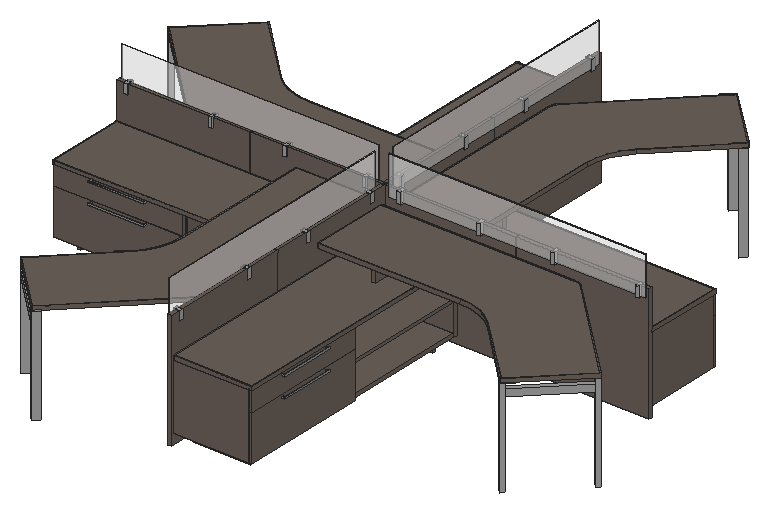
Revit family "STAKS014", category Furniture, Revit 2013
Reference planes (in)
  plane 1 "Center Front/Back": y = 0
  plane 2: z = 0
  plane 3 "Center Left/Right": x = 0
Dimensions and locks (in)
  aligned and locked: level to plane 2
  aligned and locked: nested 9 to nested 10  (x2)
  aligned and locked: nested 11 to nested 3
  aligned and locked: nested 11 to nested 9
  aligned and locked: nested 13 to nested 2
  aligned and locked: nested 13 to nested 16
  aligned and locked: nested 23 to nested 24  (x2)
  aligned and locked: nested 25 to nested 23
  aligned and locked: nested 27 to nested 30
  aligned and locked: nested 38 to nested 37  (x2)
  aligned and locked: nested 37 to nested 39
  aligned and locked: nested 44 to nested 41
  aligned and locked: nested 51 to nested 52  (x2)
  aligned and locked: nested 53 to nested 51
  aligned and locked: nested 55 to nested 58
Nested families (in)
  nested 1: "FIRST OFFICE-STAKS-WALL-SPINE-DIVIDER" at (18.5, -1.12535, 0), type "FIRST OFFICE-STAKS-WALL SPINE/DIVIDER 33 X 37"
  nested 2: "FIRST OFFICE-STAKS-WALL-SPINE-DIVIDER" at (-18.5, -1.12535, 0), type "FIRST OFFICE-STAKS-WALL SPINE/DIVIDER 33 X 37"
  nested 3: "FIRST OFFICE-STAKS-WALL-SPINE-DIVIDER" at (-55.5, -1.12535, 0), type "FIRST OFFICE-STAKS-WALL SPINE/DIVIDER 33 X 37"
  nested 4: "FIRST OFFICE-STAKS-WALL-SPINE-DIVIDER" at (55.5, -1.12535, 0), type "FIRST OFFICE-STAKS-WALL SPINE/DIVIDER 33 X 37"
  nested 5: "FIRST OFFICE-STAKS-WALL-SPINE-DIVIDER" at (1.12535, -19, 0) x (0, 1, 0) z (0, 0, 1), type "FIRST OFFICE-STAKS-WALL SPINE/DIVIDER 33 X 37"
  nested 6: "FIRST OFFICE-STAKS-WALL-SPINE-DIVIDER" at (1.12535, -56, 0) x (0, 1, 0) z (0, 0, 1), type "FIRST OFFICE-STAKS-WALL SPINE/DIVIDER 33 X 37"
  nested 7: "FIRST OFFICE-STAKS-WALL-SPINE-DIVIDER" at (1.12535, 19, 0) x (0, 1, 0) z (0, 0, 1), type "FIRST OFFICE-STAKS-WALL SPINE/DIVIDER 33 X 37"
  nested 8: "FIRST OFFICE-STAKS-WALL-SPINE-DIVIDER" at (1.12535, 56, 0) x (0, 1, 0) z (0, 0, 1), type "FIRST OFFICE-STAKS-WALL SPINE/DIVIDER 33 X 37"
  nested 9: "FIRST OFFICE-STAKS-PEDESTALS-LOW HEIGHT W-I BEAM-16W TO 36W" at (-55.97711, -23.00035, 0), type "FIRST OFFICE-STAKS-LOW HEIGHT TF PED-W-I BEAM 36 X 22"
  nested 10: "FIRST OFFICE-STAKS-PEDESTALS-LOW HEIGHT W-I BEAM-16W TO 36W" at (-19.97711, -23.00035, 0), type "FIRST OFFICE-STAKS-LOW HEIGHT OPEN SHELF PED-W-I BEAM 36 X 21"
  nested 11: "FIRST OFFICE-STAKS-WORKSURFACE-RECTANGULAR LONG-GRAIN" at (-81.55498, 1.33365, -6), type "FIRST OFFICE-STAKS-WORKSURFACE-RECTANGULAR LG 72 X 22"
  nested 12: "FIRST OFFICE-STAKS-PEDESTAL W-I BEAM SUPPORT" at (-38.063, -4.62535, 0), type "FIRST OFFICE-STAKS-PEDESTAL I-BEAM 64 X 16"
  nested 13: "FIRST OFFICE-STAKS-WORKSURFACE-COLLABORATIVE-RIGHT" at (-0.16635, -4.94502, 0) x (0, -1, 0) z (0, 0, 1), type "FIRST OFFICE-STAKS-WORKSURFACE-COLLABORATIVE-RIGHT 84 X 44"
  nested 14: "FIRST OFFICE-STAKS-BRACKETS-CANTILEVER-CONCEALED" at (-0.5, -51, 0) x (0, -1, 0) z (0, 0, 1), type "FIRST OFFICE-STAKS- BRACKETS-CANTILEVER-CONCEALED 22""
  nested 15: "FIRST OFFICE-STAKS-BRACKETS-CANTILEVER-CONCEALED" at (-0.5, -19.65901, 0) x (0, -1, 0) z (0, 0, 1), type "FIRST OFFICE-STAKS- BRACKETS-CANTILEVER-CONCEALED 22""
  nested 16: "FIRST OFFICE-STAKS-SUPPORT-SURFACE-H LEG" at (-27.69338, -62.48156, 0) x (0.7071, 0.7071, 0) z (0, 0, 1), type "FIRST OFFICE-STAKS-SUPPORT-SURFACE-H LEG 22 X4"
  nested 17: "FIRST OFFICE-STAKS-SUPPORT-SURFACE-RISER PANELS" at (-5.37535, -27, 0) x (0, -1, 0) z (0, 0, 1), type "FIRST OFFICE-STAKS-SUPPORT-SURFACE-RISER-T SHAPE 18 X 9.5"
  nested 18: "FIRST OFFICE-STAKS-BRACKETS-SADDLE_PRESS FIT" at (0, -71.29555, -9) x (0, -1, 0) z (0, 0, 1), type "FIRST OFFICE-STAKS- BRACKETS-SADDLE-PVPBKT-1"
  nested 19: "FIRST OFFICE-STAKS-BRACKETS-SADDLE_PRESS FIT" at (0, -47.7743, -9) x (0, -1, 0) z (0, 0, 1), type "FIRST OFFICE-STAKS- BRACKETS-SADDLE-PVPBKT-1"
  nested 20: "FIRST OFFICE-STAKS-BRACKETS-SADDLE_PRESS FIT" at (0, -27.16678, -9) x (0, -1, 0) z (0, 0, 1), type "FIRST OFFICE-STAKS- BRACKETS-SADDLE-PVPBKT-1"
  nested 21: "FIRST OFFICE-STAKS-BRACKETS-SADDLE_PRESS FIT" at (0, -5, -9) x (0, -1, 0) z (0, 0, 1), type "FIRST OFFICE-STAKS- BRACKETS-SADDLE-PVPBKT-1"
  nested 22: "FIRST OFFICE-STAKS-WALL-PRIVACY PANELS" at (0.79549, -37.80535, -15) x (0, 1, 0) z (0, 0, 1), type "FIRST OFFICE-STAKS-PRIVACY PANEL FROSTED ACR 71.5 X 11"
  nested 23: "FIRST OFFICE-STAKS-PEDESTALS-LOW HEIGHT W-I BEAM-16W TO 36W" at (23.00035, -55.97711, 0) x (0, 1, 0) z (0, 0, 1), type "FIRST OFFICE-STAKS-LOW HEIGHT TF PED-W-I BEAM 36 X 22"
  nested 24: "FIRST OFFICE-STAKS-PEDESTALS-LOW HEIGHT W-I BEAM-16W TO 36W" at (23.00035, -19.97711, 0) x (0, 1, 0) z (0, 0, 1), type "FIRST OFFICE-STAKS-LOW HEIGHT OPEN SHELF PED-W-I BEAM 36 X 21"
  nested 25: "FIRST OFFICE-STAKS-WORKSURFACE-RECTANGULAR LONG-GRAIN" at (-1.33365, -81.55498, -6) x (0, 1, 0) z (0, 0, 1), type "FIRST OFFICE-STAKS-WORKSURFACE-RECTANGULAR LG 72 X 22"
  nested 26: "FIRST OFFICE-STAKS-PEDESTAL W-I BEAM SUPPORT" at (4.62535, -38.063, 0) x (0, 1, 0) z (0, 0, 1), type "FIRST OFFICE-STAKS-PEDESTAL I-BEAM 64 X 16"
  nested 27: "FIRST OFFICE-STAKS-WORKSURFACE-COLLABORATIVE-RIGHT" at (4.94502, -0.16635, 0), type "FIRST OFFICE-STAKS-WORKSURFACE-COLLABORATIVE-RIGHT 84 X 44"
  nested 28: "FIRST OFFICE-STAKS-BRACKETS-CANTILEVER-CONCEALED" at (51, -0.5, 0), type "FIRST OFFICE-STAKS- BRACKETS-CANTILEVER-CONCEALED 22""
  nested 29: "FIRST OFFICE-STAKS-BRACKETS-CANTILEVER-CONCEALED" at (19.65901, -0.5, 0), type "FIRST OFFICE-STAKS- BRACKETS-CANTILEVER-CONCEALED 22""
  nested 30: "FIRST OFFICE-STAKS-SUPPORT-SURFACE-H LEG" at (62.48156, -27.69338, 0) x (-0.7071, 0.7071, 0) z (0, 0, 1), type "FIRST OFFICE-STAKS-SUPPORT-SURFACE-H LEG 22 X4"
  nested 31: "FIRST OFFICE-STAKS-SUPPORT-SURFACE-RISER PANELS" at (27, -5.37535, 0), type "FIRST OFFICE-STAKS-SUPPORT-SURFACE-RISER-T SHAPE 18 X 9.5"
  nested 32: "FIRST OFFICE-STAKS-BRACKETS-SADDLE_PRESS FIT" at (71.29555, 0, -9), type "FIRST OFFICE-STAKS- BRACKETS-SADDLE-PVPBKT-1"
  nested 33: "FIRST OFFICE-STAKS-BRACKETS-SADDLE_PRESS FIT" at (47.7743, 0, -9), type "FIRST OFFICE-STAKS- BRACKETS-SADDLE-PVPBKT-1"
  nested 34: "FIRST OFFICE-STAKS-BRACKETS-SADDLE_PRESS FIT" at (27.16678, 0, -9), type "FIRST OFFICE-STAKS- BRACKETS-SADDLE-PVPBKT-1"
  nested 35: "FIRST OFFICE-STAKS-BRACKETS-SADDLE_PRESS FIT" at (5, 0, -9), type "FIRST OFFICE-STAKS- BRACKETS-SADDLE-PVPBKT-1"
  nested 36: "FIRST OFFICE-STAKS-WALL-PRIVACY PANELS" at (37.80535, 0.79549, -15) x (-1, 0, 0) z (0, 0, 1), type "FIRST OFFICE-STAKS-PRIVACY PANEL FROSTED ACR 71.5 X 11"
  nested 37: "FIRST OFFICE-STAKS-PEDESTALS-LOW HEIGHT W-I BEAM-16W TO 36W" at (55.97711, 23.00035, 0) x (-1, 0, 0) z (0, 0, 1), type "FIRST OFFICE-STAKS-LOW HEIGHT TF PED-W-I BEAM 36 X 22"
  nested 38: "FIRST OFFICE-STAKS-PEDESTALS-LOW HEIGHT W-I BEAM-16W TO 36W" at (19.97711, 23.00035, 0) x (-1, 0, 0) z (0, 0, 1), type "FIRST OFFICE-STAKS-LOW HEIGHT OPEN SHELF PED-W-I BEAM 36 X 21"
  nested 39: "FIRST OFFICE-STAKS-WORKSURFACE-RECTANGULAR LONG-GRAIN" at (81.55498, -1.33365, -6) x (-1, 0, 0) z (0, 0, 1), type "FIRST OFFICE-STAKS-WORKSURFACE-RECTANGULAR LG 72 X 22"
  nested 40: "FIRST OFFICE-STAKS-PEDESTAL W-I BEAM SUPPORT" at (38.063, 4.62535, 0) x (-1, 0, 0) z (0, 0, 1), type "FIRST OFFICE-STAKS-PEDESTAL I-BEAM 64 X 16"
  nested 41: "FIRST OFFICE-STAKS-WORKSURFACE-COLLABORATIVE-RIGHT" at (0.16635, 4.94502, 0) x (0, 1, 0) z (0, 0, 1), type "FIRST OFFICE-STAKS-WORKSURFACE-COLLABORATIVE-RIGHT 84 X 44"
  nested 42: "FIRST OFFICE-STAKS-BRACKETS-CANTILEVER-CONCEALED" at (0.5, 51, 0) x (0, 1, 0) z (0, 0, 1), type "FIRST OFFICE-STAKS- BRACKETS-CANTILEVER-CONCEALED 22""
  nested 43: "FIRST OFFICE-STAKS-BRACKETS-CANTILEVER-CONCEALED" at (0.5, 19.65901, 0) x (0, 1, 0) z (0, 0, 1), type "FIRST OFFICE-STAKS- BRACKETS-CANTILEVER-CONCEALED 22""
  nested 44: "FIRST OFFICE-STAKS-SUPPORT-SURFACE-H LEG" at (27.69338, 62.48156, 0) x (-0.7071, -0.7071, 0) z (0, 0, 1), type "FIRST OFFICE-STAKS-SUPPORT-SURFACE-H LEG 22 X4"
  nested 45: "FIRST OFFICE-STAKS-SUPPORT-SURFACE-RISER PANELS" at (5.37535, 27, 0) x (0, 1, 0) z (0, 0, 1), type "FIRST OFFICE-STAKS-SUPPORT-SURFACE-RISER-T SHAPE 18 X 9.5"
  nested 46: "FIRST OFFICE-STAKS-BRACKETS-SADDLE_PRESS FIT" at (0, 71.29555, -9) x (0, 1, 0) z (0, 0, 1), type "FIRST OFFICE-STAKS- BRACKETS-SADDLE-PVPBKT-1"
  nested 47: "FIRST OFFICE-STAKS-BRACKETS-SADDLE_PRESS FIT" at (0, 47.7743, -9) x (0, 1, 0) z (0, 0, 1), type "FIRST OFFICE-STAKS- BRACKETS-SADDLE-PVPBKT-1"
  nested 48: "FIRST OFFICE-STAKS-BRACKETS-SADDLE_PRESS FIT" at (0, 27.16678, -9) x (0, 1, 0) z (0, 0, 1), type "FIRST OFFICE-STAKS- BRACKETS-SADDLE-PVPBKT-1"
  nested 49: "FIRST OFFICE-STAKS-BRACKETS-SADDLE_PRESS FIT" at (0, 5, -9) x (0, 1, 0) z (0, 0, 1), type "FIRST OFFICE-STAKS- BRACKETS-SADDLE-PVPBKT-1"
  nested 50: "FIRST OFFICE-STAKS-WALL-PRIVACY PANELS" at (-0.79549, 37.80535, -15) x (0, -1, 0) z (0, 0, 1), type "FIRST OFFICE-STAKS-PRIVACY PANEL FROSTED ACR 71.5 X 11"
  nested 51: "FIRST OFFICE-STAKS-PEDESTALS-LOW HEIGHT W-I BEAM-16W TO 36W" at (-23.00035, 55.97794, 0) x (0, -1, 0) z (0, 0, 1), type "FIRST OFFICE-STAKS-LOW HEIGHT TF PED-W-I BEAM 36 X 22"
  nested 52: "FIRST OFFICE-STAKS-PEDESTALS-LOW HEIGHT W-I BEAM-16W TO 36W" at (-23.00035, 19.97794, 0) x (0, -1, 0) z (0, 0, 1), type "FIRST OFFICE-STAKS-LOW HEIGHT OPEN SHELF PED-W-I BEAM 36 X 21"
  nested 53: "FIRST OFFICE-STAKS-WORKSURFACE-RECTANGULAR LONG-GRAIN" at (1.33365, 81.55581, -6) x (0, -1, 0) z (0, 0, 1), type "FIRST OFFICE-STAKS-WORKSURFACE-RECTANGULAR LG 72 X 22"
  nested 54: "FIRST OFFICE-STAKS-PEDESTAL W-I BEAM SUPPORT" at (-4.62535, 38.06382, 0) x (0, -1, 0) z (0, 0, 1), type "FIRST OFFICE-STAKS-PEDESTAL I-BEAM 64 X 16"
  nested 55: "FIRST OFFICE-STAKS-WORKSURFACE-COLLABORATIVE-RIGHT" at (-4.94502, 0.16717, 0) x (-1, 0, 0) z (0, 0, 1), type "FIRST OFFICE-STAKS-WORKSURFACE-COLLABORATIVE-RIGHT 84 X 44"
  nested 56: "FIRST OFFICE-STAKS-BRACKETS-CANTILEVER-CONCEALED" at (-51, 0.50082, 0) x (-1, 0, 0) z (0, 0, 1), type "FIRST OFFICE-STAKS- BRACKETS-CANTILEVER-CONCEALED 22""
  nested 57: "FIRST OFFICE-STAKS-BRACKETS-CANTILEVER-CONCEALED" at (-19.65901, 0.50082, 0) x (-1, 0, 0) z (0, 0, 1), type "FIRST OFFICE-STAKS- BRACKETS-CANTILEVER-CONCEALED 22""
  nested 58: "FIRST OFFICE-STAKS-SUPPORT-SURFACE-H LEG" at (-62.48156, 27.6942, 0) x (0.7071, -0.7071, 0) z (0, 0, 1), type "FIRST OFFICE-STAKS-SUPPORT-SURFACE-H LEG 22 X4"
  nested 59: "FIRST OFFICE-STAKS-SUPPORT-SURFACE-RISER PANELS" at (-27, 5.37617, 0) x (-1, 0, 0) z (0, 0, 1), type "FIRST OFFICE-STAKS-SUPPORT-SURFACE-RISER-T SHAPE 18 X 9.5"
  nested 60: "FIRST OFFICE-STAKS-BRACKETS-SADDLE_PRESS FIT" at (-71.29555, 0.00082, -9) x (-1, 0, 0) z (0, 0, 1), type "FIRST OFFICE-STAKS- BRACKETS-SADDLE-PVPBKT-1"
  nested 61: "FIRST OFFICE-STAKS-BRACKETS-SADDLE_PRESS FIT" at (-47.7743, 0.00082, -9) x (-1, 0, 0) z (0, 0, 1), type "FIRST OFFICE-STAKS- BRACKETS-SADDLE-PVPBKT-1"
  nested 62: "FIRST OFFICE-STAKS-BRACKETS-SADDLE_PRESS FIT" at (-27.16678, 0.00082, -9) x (-1, 0, 0) z (0, 0, 1), type "FIRST OFFICE-STAKS- BRACKETS-SADDLE-PVPBKT-1"
  nested 63: "FIRST OFFICE-STAKS-BRACKETS-SADDLE_PRESS FIT" at (-5, 0.00082, -9) x (-1, 0, 0) z (0, 0, 1), type "FIRST OFFICE-STAKS- BRACKETS-SADDLE-PVPBKT-1"
  nested 64: "FIRST OFFICE-STAKS-WALL-PRIVACY PANELS" at (-37.80535, -0.79466, -15), type "FIRST OFFICE-STAKS-PRIVACY PANEL FROSTED ACR 71.5 X 11"
Definition of nested family "FIRST OFFICE-STAKS-WALL-SPINE-DIVIDER"
  Parameters (values of type "FIRST OFFICE-STAKS-WALL SPINE/DIVIDER 33 X 24")
    URL = "http://www.firstoffice.com/products/crossover/staks/"
    Model = "6-pan-33/24"
    Manufacturer = "FIRST OFFICE-STAKS"
    MANUFACTURERS' CODE = "FOF"
    ENVIRONMENTAL = "http://www.firstoffice.com/products/crossover/staks/"
    Description = "33 X 24 SPINE OR DIVIDER WALL"
    Wall Width = 2' - 0"
    Wall Height = 2' - 8 1/2"
    CATALOG CODE = "FST"
    Assembly Code = ""
  Types (54): name | Model | Description | Wall Width | Wall Height
    FIRST OFFICE-STAKS-WALL SPINE/DIVIDER 33 X 24 | "6-pan-33/24" | "33 X 24 SPINE OR DIVIDER WALL" | 2' - 0" | 2' - 8 1/2"
    FIRST OFFICE-STAKS-WALL SPINE/DIVIDER 33 X 26 | "6-pan-33/26" | "33 X 26 SPINE OR DIVIDER WALL" | 2' - 2" | 2' - 8 1/2"
    FIRST OFFICE-STAKS-WALL SPINE/DIVIDER 33 X 30 | "6-pan-33/30" | "33 X 30 SPINE OR DIVIDER WALL" | 2' - 6" | 2' - 8 1/2"
    FIRST OFFICE-STAKS-WALL SPINE/DIVIDER 33 X 33 | "6-pan-33/33" | "33 X 33 SPINE OR DIVIDER WALL" | 2' - 9" | 2' - 8 1/2"
    FIRST OFFICE-STAKS-WALL SPINE/DIVIDER 33 X 36 | "6-pan-33/36" | "33 X 36 SPINE OR DIVIDER WALL" | 3' - 0" | 2' - 8 1/2"
    FIRST OFFICE-STAKS-WALL SPINE/DIVIDER 33 X 37 | "6-pan-33/37" | "33 X 37 SPINE OR DIVIDER WALL" | 3' - 1" | 2' - 8 1/2"
    FIRST OFFICE-STAKS-WALL SPINE/DIVIDER 33 X 40 | "6-pan-33/40" | "33 X 40 SPINE OR DIVIDER WALL" | 3' - 4" | 2' - 8 1/2"
    FIRST OFFICE-STAKS-WALL SPINE/DIVIDER 33 X 42 | "6-pan-33/42" | "33 X 42 SPINE OR DIVIDER WALL" | 3' - 6" | 2' - 8 1/2"
    FIRST OFFICE-STAKS-WALL SPINE/DIVIDER 33 X 44 | "6-pan-33/44" | "33 X 44 SPINE OR DIVIDER WALL" | 3' - 8" | 2' - 8 1/2"
    FIRST OFFICE-STAKS-WALL SPINE/DIVIDER 33 X 45 | "6-pan-33/45" | "33 X 45 SPINE OR DIVIDER WALL" | 3' - 9" | 2' - 8 1/2"
    FIRST OFFICE-STAKS-WALL SPINE/DIVIDER 33 X 47 | "6-pan-33/47" | "33 X 47 SPINE OR DIVIDER WALL" | 3' - 11" | 2' - 8 1/2"
    FIRST OFFICE-STAKS-WALL SPINE/DIVIDER 33 X 48 | "6-pan-33/48" | "33 X 48 SPINE OR DIVIDER WALL" | 4' - 0" | 2' - 8 1/2"
    FIRST OFFICE-STAKS-WALL SPINE/DIVIDER 33 X 49 | "6-pan-33/49" | "33 X 49 SPINE OR DIVIDER WALL" | 4' - 1" | 2' - 8 1/2"
    FIRST OFFICE-STAKS-WALL SPINE/DIVIDER 33 X 52 | "6-pan-33/52" | "33 X 52 SPINE OR DIVIDER WALL" | 4' - 4" | 2' - 8 1/2"
    FIRST OFFICE-STAKS-WALL SPINE/DIVIDER 33 X 54 | "6-pan-33/54" | "33 X 54 SPINE OR DIVIDER WALL" | 4' - 6" | 2' - 8 1/2"
    FIRST OFFICE-STAKS-WALL SPINE/DIVIDER 33 X 56 | "6-pan-33/56" | "33 X 56 SPINE OR DIVIDER WALL" | 4' - 8" | 2' - 8 1/2"
    FIRST OFFICE-STAKS-WALL SPINE/DIVIDER 33 X 58 | "6-pan-33/58" | "33 X 58 SPINE OR DIVIDER WALL" | 4' - 10" | 2' - 8 1/2"
    FIRST OFFICE-STAKS-WALL SPINE/DIVIDER 33 X 59 | "6-pan-33/59" | "33 X 59 SPINE OR DIVIDER WALL" | 4' - 11" | 2' - 8 1/2"
    FIRST OFFICE-STAKS-WALL SPINE/DIVIDER 42 X 24 | "6-pan-42/24" | "42 X 24 SPINE OR DIVIDER WALL" | 2' - 0" | 3' - 5 1/2"
    FIRST OFFICE-STAKS-WALL SPINE/DIVIDER 42 X 26 | "6-pan-42/26" | "42 X 26 SPINE OR DIVIDER WALL" | 2' - 2" | 3' - 5 1/2"
    FIRST OFFICE-STAKS-WALL SPINE/DIVIDER 42 X 30 | "6-pan-42/30" | "42 X 30 SPINE OR DIVIDER WALL" | 2' - 6" | 3' - 5 1/2"
    FIRST OFFICE-STAKS-WALL SPINE/DIVIDER 42 X 33 | "6-pan-42/33" | "42 X 33 SPINE OR DIVIDER WALL" | 2' - 9" | 3' - 5 1/2"
    FIRST OFFICE-STAKS-WALL SPINE/DIVIDER 42 X 36 | "6-pan-42/36" | "42 X 36 SPINE OR DIVIDER WALL" | 3' - 0" | 3' - 5 1/2"
    FIRST OFFICE-STAKS-WALL SPINE/DIVIDER 42 X 37 | "6-pan-42/37" | "42 X 37 SPINE OR DIVIDER WALL" | 3' - 1" | 3' - 5 1/2"
    FIRST OFFICE-STAKS-WALL SPINE/DIVIDER 42 X 40 | "6-pan-42/40" | "42 X 40 SPINE OR DIVIDER WALL" | 3' - 4" | 3' - 5 1/2"
    FIRST OFFICE-STAKS-WALL SPINE/DIVIDER 42 X 42 | "6-pan-42/42" | "42 X 42 SPINE OR DIVIDER WALL" | 3' - 6" | 3' - 5 1/2"
    FIRST OFFICE-STAKS-WALL SPINE/DIVIDER 42 X 44 | "6-pan-42/44" | "42 X 44 SPINE OR DIVIDER WALL" | 3' - 8" | 3' - 5 1/2"
    FIRST OFFICE-STAKS-WALL SPINE/DIVIDER 42 X 45 | "6-pan-42/45" | "42 X 45 SPINE OR DIVIDER WALL" | 3' - 9" | 3' - 5 1/2"
    FIRST OFFICE-STAKS-WALL SPINE/DIVIDER 42 X 47 | "6-pan-42/47" | "42 X 47 SPINE OR DIVIDER WALL" | 3' - 11" | 3' - 5 1/2"
    FIRST OFFICE-STAKS-WALL SPINE/DIVIDER 42 X 48 | "6-pan-42/48" | "42 X 48 SPINE OR DIVIDER WALL" | 4' - 0" | 3' - 5 1/2"
    FIRST OFFICE-STAKS-WALL SPINE/DIVIDER 42 X 49 | "6-pan-42/49" | "42 X 49 SPINE OR DIVIDER WALL" | 4' - 1" | 3' - 5 1/2"
    FIRST OFFICE-STAKS-WALL SPINE/DIVIDER 42 X 52 | "6-pan-42/52" | "42 X 52 SPINE OR DIVIDER WALL" | 4' - 4" | 3' - 5 1/2"
    FIRST OFFICE-STAKS-WALL SPINE/DIVIDER 42 X 54 | "6-pan-42/54" | "42 X 54 SPINE OR DIVIDER WALL" | 4' - 6" | 3' - 5 1/2"
    FIRST OFFICE-STAKS-WALL SPINE/DIVIDER 42 X 56 | "6-pan-42/56" | "42 X 56 SPINE OR DIVIDER WALL" | 4' - 8" | 3' - 5 1/2"
    FIRST OFFICE-STAKS-WALL SPINE/DIVIDER 42 X 58 | "6-pan-42/58" | "42 X 58 SPINE OR DIVIDER WALL" | 4' - 10" | 3' - 5 1/2"
    FIRST OFFICE-STAKS-WALL SPINE/DIVIDER 42 X 59 | "6-pan-42/59" | "42 X 59 SPINE OR DIVIDER WALL" | 4' - 11" | 3' - 5 1/2"
    FIRST OFFICE-STAKS-WALL SPINE/DIVIDER 48 X 24 | "6-pan-48/24" | "48 X 24 SPINE OR DIVIDER WALL" | 2' - 0" | 3' - 11 1/2"
    FIRST OFFICE-STAKS-WALL SPINE/DIVIDER 48 X 26 | "6-pan-48/26" | "48 X 26 SPINE OR DIVIDER WALL" | 2' - 2" | 3' - 11 1/2"
    FIRST OFFICE-STAKS-WALL SPINE/DIVIDER 48 X 30 | "6-pan-48/30" | "48 X 30 SPINE OR DIVIDER WALL" | 2' - 6" | 3' - 11 1/2"
    FIRST OFFICE-STAKS-WALL SPINE/DIVIDER 48 X 33 | "6-pan-48/33" | "48 X 33 SPINE OR DIVIDER WALL" | 2' - 9" | 3' - 11 1/2"
    FIRST OFFICE-STAKS-WALL SPINE/DIVIDER 48 X 36 | "6-pan-48/36" | "48 X 36 SPINE OR DIVIDER WALL" | 3' - 0" | 3' - 11 1/2"
    FIRST OFFICE-STAKS-WALL SPINE/DIVIDER 48 X 37 | "6-pan-48/37" | "48 X 37 SPINE OR DIVIDER WALL" | 3' - 1" | 3' - 11 1/2"
    FIRST OFFICE-STAKS-WALL SPINE/DIVIDER 48 X 40 | "6-pan-48/40" | "48 X 40 SPINE OR DIVIDER WALL" | 3' - 4" | 3' - 11 1/2"
    FIRST OFFICE-STAKS-WALL SPINE/DIVIDER 48 X 42 | "6-pan-48/42" | "48 X 42 SPINE OR DIVIDER WALL" | 3' - 6" | 3' - 11 1/2"
    FIRST OFFICE-STAKS-WALL SPINE/DIVIDER 48 X 44 | "6-pan-48/44" | "48 X 44 SPINE OR DIVIDER WALL" | 3' - 8" | 3' - 11 1/2"
    FIRST OFFICE-STAKS-WALL SPINE/DIVIDER 48 X 45 | "6-pan-48/45" | "48 X 45 SPINE OR DIVIDER WALL" | 3' - 9" | 3' - 11 1/2"
    FIRST OFFICE-STAKS-WALL SPINE/DIVIDER 48 X 47 | "6-pan-48/47" | "48 X 47 SPINE OR DIVIDER WALL" | 3' - 11" | 3' - 11 1/2"
    FIRST OFFICE-STAKS-WALL SPINE/DIVIDER 48 X 48 | "6-pan-48/48" | "48 X 48 SPINE OR DIVIDER WALL" | 4' - 0" | 3' - 11 1/2"
    FIRST OFFICE-STAKS-WALL SPINE/DIVIDER 48 X 49 | "6-pan-48/49" | "48 X 49 SPINE OR DIVIDER WALL" | 4' - 1" | 3' - 11 1/2"
    FIRST OFFICE-STAKS-WALL SPINE/DIVIDER 48 X 52 | "6-pan-48/52" | "48 X 52 SPINE OR DIVIDER WALL" | 4' - 4" | 3' - 11 1/2"
    FIRST OFFICE-STAKS-WALL SPINE/DIVIDER 48 X 54 | "6-pan-48/54" | "48 X 54 SPINE OR DIVIDER WALL" | 4' - 6" | 3' - 11 1/2"
    FIRST OFFICE-STAKS-WALL SPINE/DIVIDER 48 X 56 | "6-pan-48/56" | "48 X 56 SPINE OR DIVIDER WALL" | 4' - 8" | 3' - 11 1/2"
    FIRST OFFICE-STAKS-WALL SPINE/DIVIDER 48 X 58 | "6-pan-48/58" | "48 X 58 SPINE OR DIVIDER WALL" | 4' - 10" | 3' - 11 1/2"
    FIRST OFFICE-STAKS-WALL SPINE/DIVIDER 48 X 59 | "6-pan-48/59" | "48 X 59 SPINE OR DIVIDER WALL" | 4' - 11" | 3' - 11 1/2"
  Reference planes (in)
    plane 1: z = 0
    plane 2 "Center Left/Right": x = 0
    plane 3 "Left": x = -12
    plane 4 "Right": x = 12
    plane 5 "Back": y = 1.62535
    plane 6 "WALL Top": z = 32.5
    plane 7: y = 0.62535
  Forms (in)
    Extrusion 1, solid, material "STAKS WALL"
      sketch origin (0, 5, -0.18015) x (0, 1, 0) y (0, 0, 1)
        loop
          line (-4.37465, 32.68015) -> (-4.37465, 0.18015) -> (-3.37465, 0.18015) -> (-3.37465, 32.68015) -> (-4.37465, 32.68015)
      from -12 to 12
  Lines and regions (in)
    Masking region 1
      outline origin (0, 0, 0) x (1, 0, 0) y (0, 1, 0)
        loop
          line (-12, 1.62535) -> (-12, 0.62535) -> (12, 0.62535) -> (12, 1.62535) -> (-12, 1.62535)
  Dimensions and locks (in)
    "Wall Width": plane 3 "Left" to plane 4 "Right"
    equal spacing: plane 3 "Left", plane 2 "Center Left/Right", plane 4 "Right"
    "Wall Height": plane 6 "WALL Top" to plane 1
    locked: plane 7 to plane 5 "Back" at 1
    aligned and locked: Extrusion 1 to plane 3 "Left"
    aligned and locked: plane 4 "Right" to Extrusion 1
    aligned: Extrusion 1 to plane 1
    aligned and locked: level to plane 1
    aligned: Extrusion 1 to plane 6 "WALL Top"
    aligned: Extrusion 1 sketch curve to plane 1
    aligned and locked: Extrusion 1 to Masking region 1 sketch curve
    aligned and locked: Masking region 1 sketch curve to plane 3 "Left"
    aligned and locked: plane 4 "Right" to Masking region 1 sketch curve
    aligned and locked: Extrusion 1 to plane 5 "Back"
    aligned and locked: Extrusion 1 sketch curve to plane 1
    aligned and locked: plane 6 "WALL Top" to Extrusion 1 sketch curve
    aligned and locked: plane 7 to Extrusion 1
    aligned and locked: plane 7 to Masking region 1
  Automatic sketch dimensions
    Masking region 1 sketch curve to Masking region 1 sketch curve = 0' - 1"
    Extrusion 1 sketch curve to plane 5 "Back" = 0' - 0"
    Extrusion 1 sketch curve to Extrusion 1 sketch curve = 0' - 1"
Definition of nested family "FIRST OFFICE-STAKS-PEDESTALS-LOW HEIGHT W-I BEAM-16W TO 36W"
  Parameters (values of type "FIRST OFFICE-STAKS-LOW HEIGHT TF PED-W-I BEAM 16 X 19")
    URL = "http://www.firstoffice.com/products/crossover/staks/"
    PARTIAL TOP = no
    OPEN SHELF = no
    OF SHELF = no
    PULL 21 = no
    PULL 22 = no
    PULL 11 = no
    PULL 1 = yes
    PULL 2 = yes
    PEDESTAL DEPTH = 1' - 7 3/8"
    Model = "6-RL1619MPD11"
    Manufacturer = "FIRST OFFICE-STAKS"
    FULL BASE = no
    PARTIAL BASE = yes
    MANUFACTURERS' CODE = "FOF"
    FULL TOP = yes
    FILE FRONT = yes
    ENVIRONMENTAL = "http://www.firstoffice.com/products/crossover/staks/"
    Description = "16 X 19 TF LOW HEIGHT W-I BEAM PEDESTAL"
    PEDESTAL WIDTH = 1' - 4 5/8"
    DOOR RIGHT = no
    DOOR LEFT = no
    DIVIDER = no
    CATALOG CODE = "FST"
    TRAY FRONT = yes
    Assembly Code = ""
  Types (40): name | PARTIAL TOP | OPEN SHELF | OF SHELF | PULL 21 | PULL 22 | PULL 11 | PULL 1 | PULL 2 | PEDESTAL DEPTH | Model | FULL BASE | PARTIAL BASE | FULL TOP | FILE FRONT | Description | PEDESTAL WIDTH | DOOR RIGHT | DOOR LEFT | DIVIDER | TRAY FRONT
    FIRST OFFICE-STAKS-LOW HEIGHT TF PED-W-I BEAM 16 X 19 | no | no | no | no | no | no | yes | yes | 1' - 7 3/8" | "6-RL1619MPD11" | no | yes | yes | yes | "16 X 19 TF LOW HEIGHT W-I BEAM PEDESTAL" | 1' - 4 5/8" | no | no | no | yes
    FIRST OFFICE-STAKS-LOW HEIGHT TF PED-W-I BEAM 16 X 22 | no | no | no | no | no | no | yes | yes | 1' - 9 7/8" | "6-RL1622MPD11" | no | yes | yes | yes | "16 X 22 TF LOW HEIGHT W-I BEAM PEDESTAL" | 1' - 4 5/8" | no | no | no | yes
    FIRST OFFICE-STAKS-LOW HEIGHT OF PED-W-I BEAM 16 X 19 | no | no | yes | no | no | no | no | yes | 1' - 7 3/8" | "6-RL1619MPD9" | no | yes | yes | yes | "16 X 19 OF LOW HEIGHT W-I BEAM PEDESTAL" | 1' - 4 5/8" | no | no | no | no
    FIRST OFFICE-STAKS-LOW HEIGHT OF PED-W-I BEAM 16 X 22 | no | no | yes | no | no | no | no | yes | 1' - 9 7/8" | "6-RL1622MPD9" | no | yes | yes | yes | "16 X 22 OF LOW HEIGHT W-I BEAM PEDESTAL" | 1' - 4 5/8" | no | no | no | no
    FIRST OFFICE-STAKS-LOW HEIGHT TF PED-W-I BEAM 24 X 19 | no | no | no | yes | yes | no | no | no | 1' - 7 3/8" | "6-RL2419MPD11" | no | yes | yes | yes | "24 X 19 TF LOW HEIGHT W-I BEAM PEDESTAL" | 2' - 0" | no | no | no | yes
    FIRST OFFICE-STAKS-LOW HEIGHT TF PED-W-I BEAM 24 X 22 | no | no | no | yes | yes | no | no | no | 1' - 9 7/8" | "6-RL2422MPD11" | no | yes | yes | yes | "24 X 22 TF LOW HEIGHT W-I BEAM PEDESTAL" | 2' - 0" | no | no | no | yes
    FIRST OFFICE-STAKS-LOW HEIGHT TF PED-W-I BEAM 30 X 19 | no | no | no | yes | yes | no | no | no | 1' - 7 3/8" | "6-RL3019MPD11" | no | yes | yes | yes | "30 X 19 TF LOW HEIGHT W-I BEAM PEDESTAL" | 2' - 6" | no | no | no | yes
    FIRST OFFICE-STAKS-LOW HEIGHT TF PED-W-I BEAM 30 X 22 | no | no | no | yes | yes | no | no | no | 1' - 9 7/8" | "6-RL3022MPD11" | no | yes | yes | yes | "30 X 22 TF LOW HEIGHT W-I BEAM PEDESTAL" | 2' - 6" | no | no | no | yes
    FIRST OFFICE-STAKS-LOW HEIGHT TF PED-W-I BEAM 36 X 19 | no | no | no | yes | yes | no | no | no | 1' - 7 3/8" | "6-RL3619MPD11" | no | yes | yes | yes | "36 X 19 TF LOW HEIGHT W-I BEAM PEDESTAL" | 3' - 0" | no | no | no | yes
    FIRST OFFICE-STAKS-LOW HEIGHT TF PED-W-I BEAM 36 X 22 | no | no | no | yes | yes | no | no | no | 1' - 9 7/8" | "6-RL3622MPD11" | no | yes | yes | yes | "36 X 22 TF LOW HEIGHT W-I BEAM PEDESTAL" | 3' - 0" | no | no | no | yes
    FIRST OFFICE-STAKS-LOW HEIGHT OF PED-W-I BEAM 24 X 19 | no | no | yes | no | yes | no | no | no | 1' - 7 3/8" | "6-RL2419MPD9" | no | yes | yes | yes | "24 X 19 OF LOW HEIGHT W-I BEAM PEDESTAL" | 2' - 0" | no | no | no | no
    FIRST OFFICE-STAKS-LOW HEIGHT OF PED-W-I BEAM 24 X 22 | no | no | yes | no | yes | no | no | no | 1' - 9 7/8" | "6-RL2422MPD9" | no | yes | yes | yes | "24 X 22 OF LOW HEIGHT W-I BEAM PEDESTAL" | 2' - 0" | no | no | no | no
    FIRST OFFICE-STAKS-LOW HEIGHT OF PED-W-I BEAM 30 X 19 | no | no | yes | no | yes | no | no | no | 1' - 7 3/8" | "6-RL3019MPD9" | no | yes | yes | yes | "30 X 19 OF LOW HEIGHT W-I BEAM PEDESTAL" | 2' - 6" | no | no | no | no
    FIRST OFFICE-STAKS-LOW HEIGHT OF PED-W-I BEAM 30 X 22 | no | no | yes | no | yes | no | no | no | 1' - 9 7/8" | "6-RL3022MPD9" | no | yes | yes | yes | "30 X 22 OF LOW HEIGHT W-I BEAM PEDESTAL" | 2' - 6" | no | no | no | no
    FIRST OFFICE-STAKS-LOW HEIGHT OF PED-W-I BEAM 36 X 19 | no | no | yes | no | yes | no | no | no | 1' - 7 3/8" | "6-RL3619MPD9" | no | yes | yes | yes | "36 X 19 OF LOW HEIGHT W-I BEAM PEDESTAL" | 3' - 0" | no | no | no | no
    FIRST OFFICE-STAKS-LOW HEIGHT OF PED-W-I BEAM 36 X 22 | no | no | yes | no | yes | no | no | no | 1' - 9 7/8" | "6-RL3622MPD9" | no | yes | yes | yes | "36 X 22 OF LOW HEIGHT W-I BEAM PEDESTAL" | 3' - 0" | no | no | no | no
    FIRST OFFICE-STAKS-LOW HEIGHT 2-DOOR PED-W-I BEAM 24 X 19 | no | no | no | no | no | yes | no | no | 1' - 7 3/8" | "6-RL2419MPD4" | no | no | no | no | "24 X 19 2 DOOR LOW HEIGHT W-I BEAM PEDESTAL" | 2' - 0" | yes | yes | no | no
    FIRST OFFICE-STAKS-LOW HEIGHT 2-DOOR PED-W-I BEAM 24 X 22 | no | no | no | no | no | yes | no | no | 1' - 9 7/8" | "6-RL2422MPD4" | no | no | no | no | "24 X 22 2 DOOR LOW HEIGHT W-I BEAM PEDESTAL" | 2' - 0" | yes | yes | no | no
    FIRST OFFICE-STAKS-LOW HEIGHT 2-DOOR PED-W-I BEAM 30 X 19 | no | no | no | no | no | yes | no | no | 1' - 7 3/8" | "6-RL3019MPD4" | no | no | no | no | "30 X 19 2 DOOR LOW HEIGHT W-I BEAM PEDESTAL" | 2' - 6" | yes | yes | no | no
    FIRST OFFICE-STAKS-LOW HEIGHT 2-DOOR PED-W-I BEAM 30 X 22 | no | no | no | no | no | yes | no | no | 1' - 9 7/8" | "6-RL3022MPD4" | no | no | no | no | "30 X 22 2 DOOR LOW HEIGHT W-I BEAM PEDESTAL" | 2' - 6" | yes | yes | no | no
    FIRST OFFICE-STAKS-LOW HEIGHT 2-DOOR PED-W-I BEAM 36 X 19 | no | no | no | no | no | yes | no | no | 1' - 7 3/8" | "6-RL3619MPD4" | no | no | no | no | "36 X 19 2 DOOR LOW HEIGHT W-I BEAM PEDESTAL" | 3' - 0" | yes | yes | no | no
    FIRST OFFICE-STAKS-LOW HEIGHT 2-DOOR PED-W-I BEAM 36 X 22 | no | no | no | no | no | yes | no | no | 1' - 9 7/8" | "6-RL3622MPD4" | no | no | no | no | "36 X 22 2 DOOR LOW HEIGHT W-I BEAM PEDESTAL" | 3' - 0" | yes | yes | no | no
    FIRST OFFICE-STAKS-LOW HEIGHT SLIDING DOOR PED-W-I BEAM 24 X 19 | no | no | no | no | no | no | no | no | 1' - 7 3/8" | "6-RL2419MPD5" | no | no | no | no | "24 X 19 SLIDING DOOR LOW HEIGHT W-I BEAM PEDESTAL" | 2' - 0" | no | yes | yes | no
    FIRST OFFICE-STAKS-LOW HEIGHT SLIDING DOOR PED-W-I BEAM 24 X 22 | no | no | no | no | no | no | no | no | 1' - 9 7/8" | "6-RL2422MPD5" | no | no | no | no | "24 X 22 SLIDING DOOR LOW HEIGHT W-I BEAM PEDESTAL" | 2' - 0" | no | yes | yes | no
    FIRST OFFICE-STAKS-LOW HEIGHT SLIDING DOOR PED-W-I BEAM 30 X 19 | no | no | no | no | no | no | no | no | 1' - 7 3/8" | "6-RL3019MPD5" | no | no | no | no | "30 X 19 SLIDING DOOR LOW HEIGHT W-I BEAM PEDESTAL" | 2' - 6" | no | yes | yes | no
    FIRST OFFICE-STAKS-LOW HEIGHT SLIDING DOOR PED-W-I BEAM 30 X 22 | no | no | no | no | no | no | no | no | 1' - 9 7/8" | "6-RL3022MPD5" | no | no | no | no | "30 X 22 SLIDING DOOR LOW HEIGHT W-I BEAM PEDESTAL" | 2' - 6" | no | yes | yes | no
    FIRST OFFICE-STAKS-LOW HEIGHT SLIDING DOOR PED-W-I BEAM 36 X 19 | no | no | no | no | no | no | no | no | 1' - 7 3/8" | "6-RL3619MPD5" | no | no | no | no | "36 X 19 SLIDING DOOR LOW HEIGHT W-I BEAM PEDESTAL" | 3' - 0" | no | yes | yes | no
    FIRST OFFICE-STAKS-LOW HEIGHT SLIDING DOOR PED-W-I BEAM 36 X 22 | no | no | no | no | no | no | no | no | 1' - 9 7/8" | "6-RL3622MPD5" | no | no | no | no | "36 X 22 SLIDING DOOR LOW HEIGHT W-I BEAM PEDESTAL" | 3' - 0" | no | yes | yes | no
    FIRST OFFICE-STAKS-LOW HEIGHT OPEN SHELF PED-W-I BEAM 24 X 19 | yes | yes | no | no | no | no | no | no | 1' - 7 3/8" | "6-RL2419MPD6" | yes | no | no | no | "24 X 19 OPEN SHELF LOW HEIGHT W-I BEAM PEDESTAL" | 2' - 0" | no | no | no | no
    FIRST OFFICE-STAKS-LOW HEIGHT OPEN SHELF PED-W-I BEAM 24 X 21 | yes | yes | no | no | no | no | no | no | 1' - 9 7/8" | "6-RL2421MPD6" | yes | no | no | no | "24 X 21 OPEN SHELF LOW HEIGHT W-I BEAM PEDESTAL" | 2' - 0" | no | no | no | no
    FIRST OFFICE-STAKS-LOW HEIGHT OPEN SHELF PED-W-I BEAM 30 X 19 | yes | yes | no | no | no | no | no | no | 1' - 7 3/8" | "6-RL3019MPD6" | yes | no | no | no | "30 X 19 OPEN SHELF LOW HEIGHT W-I BEAM PEDESTAL" | 2' - 6" | no | no | no | no
    FIRST OFFICE-STAKS-LOW HEIGHT OPEN SHELF PED-W-I BEAM 30 X 21 | yes | yes | no | no | no | no | no | no | 1' - 9 7/8" | "6-RL3021MPD6" | yes | no | no | no | "30 X 21 OPEN SHELF LOW HEIGHT W-I BEAM PEDESTAL" | 2' - 6" | no | no | no | no
    FIRST OFFICE-STAKS-LOW HEIGHT OPEN SHELF PED-W-I BEAM 36 X 19 | yes | yes | no | no | no | no | no | no | 1' - 7 3/8" | "6-RL3619MPD6" | yes | no | no | no | "36 X 19 OPEN SHELF LOW HEIGHT W-I BEAM PEDESTAL" | 3' - 0" | no | no | no | no
    FIRST OFFICE-STAKS-LOW HEIGHT OPEN SHELF PED-W-I BEAM 36 X 21 | yes | yes | no | no | no | no | no | no | 1' - 9 7/8" | "6-RL3621MPD6" | yes | no | no | no | "36 X 21 OPEN SHELF LOW HEIGHT W-I BEAM PEDESTAL" | 3' - 0" | no | no | no | no
    FIRST OFFICE-STAKS-LOW HEIGHT OPEN PED-W-I BEAM 24 X 19 | yes | no | no | no | no | no | no | no | 1' - 7 3/8" | "6-RL2419MPD7" | yes | no | no | no | "24 X 19 OPEN LOW HEIGHT W-I BEAM PEDESTAL" | 2' - 0" | no | no | no | no
    FIRST OFFICE-STAKS-LOW HEIGHT OPEN PED-W-I BEAM 24 X 21 | yes | no | no | no | no | no | no | no | 1' - 9 7/8" | "6-RL2421MPD7" | yes | no | no | no | "24 X 21 OPEN LOW HEIGHT W-I BEAM PEDESTAL" | 2' - 0" | no | no | no | no
    FIRST OFFICE-STAKS-LOW HEIGHT OPEN PED-W-I BEAM 30 X 19 | yes | no | no | no | no | no | no | no | 1' - 7 3/8" | "6-RL3019MPD7" | yes | no | no | no | "30 X 19 OPEN LOW HEIGHT W-I BEAM PEDESTAL" | 2' - 6" | no | no | no | no
    FIRST OFFICE-STAKS-LOW HEIGHT OPEN PED-W-I BEAM 30 X 21 | yes | no | no | no | no | no | no | no | 1' - 9 7/8" | "6-RL3021MPD7" | yes | no | no | no | "30 X 21 OPEN LOW HEIGHT W-I BEAM PEDESTAL" | 2' - 6" | no | no | no | no
    FIRST OFFICE-STAKS-LOW HEIGHT OPEN PED-W-I BEAM 36 X 19 | yes | no | no | no | no | no | no | no | 1' - 7 3/8" | "6-RL3619MPD7" | yes | no | no | no | "36 X 19 OPEN LOW HEIGHT W-I BEAM PEDESTAL" | 3' - 0" | no | no | no | no
    FIRST OFFICE-STAKS-LOW HEIGHT OPEN PED-W-I BEAM 36 X 21 | yes | no | no | no | no | no | no | no | 1' - 9 7/8" | "6-RL3621MPD7" | yes | no | no | no | "36 X 21 OPEN LOW HEIGHT W-I BEAM PEDESTAL" | 3' - 0" | no | no | no | no
  Reference planes (in)
    plane 1: z = 0
    plane 2 "Center Left/Right": x = -0.02289
    plane 3 "Left": x = -8.33539
    plane 4 "Right": x = 8.28961
    plane 5 "CABINET FRONT": y = 1.37535
    plane 6 "PEDESTAL TOP": z = 21.375
    plane 7 "DRAWER FRONT": y = 0.62535
    plane 8: x = -8.27289
    plane 9: x = 8.22661
    plane 10: z = 3.0625
    plane 11: z = 21.25
    plane 12: z = 15.8125
    plane 13: z = 15.6875
    plane 14: z = 20.5
    plane 15: x = 7.53961
    plane 16: x = -7.58539
    plane 17 "BACK": y = 20.00035
    plane 18: y = 19.87535
    plane 19: x = -8.21039
    plane 20: x = 8.16461
    plane 21: x = -0.08539
    plane 22: x = 0.03961
    plane 23: x = -4.17914
    plane 24: x = 4.13311
    plane 25: x = -7.77289
    plane 26: x = 7.72711
    plane 27: z = 20.625
    plane 28: z = 3
  Forms (in)
    Extrusion 1, solid, material "STAKS FILE 2", visible <- "FILE FRONT"
      sketch origin (-0.02289, 5, -10.1802) x (0, 1, 0) y (0, 0, 1)
        loop
          line (-4.37465, 25.8677) -> (-4.37465, 13.2427) -> (-3.62465, 13.2427) -> (-3.62465, 25.8677) -> (-4.37465, 25.8677)
      from -8.25 to 8.2495
    Extrusion 2, solid, material "STAKS PEDESTAL", visible <- "PARTIAL TOP"
      sketch origin (0, -1.24965, 3) x (1, 0, 0) y (0, 0, 1)
        loop
          line (-8.33539, 0) -> (-7.58539, 0) -> (-7.58539, 18.25) -> (-8.33539, 18.25) -> (-8.33539, 0)
      from -21.25 to -2.625
    Extrusion 3, solid, material "STAKS SPACER", visible <- "PARTIAL TOP"
      sketch origin (0, 2.62535, 3) x (1, 0, 0) y (0, 0, 1)
        loop
          line (-8.21039, 18.375) -> (-8.21039, 18.25) -> (-7.58539, 18.25) -> (-7.58539, 18.375) -> (-8.21039, 18.375)
      from -17.25 to 1.25
    Extrusion 4, solid, material "STAKS PEDESTAL", visible <- "PARTIAL TOP"
      sketch origin (9, -1.24965, 3) x (1, 0, 0) y (0, 0, 1)
        loop
          line (-1.46039, 0) -> (-0.71039, 0) -> (-0.71039, 18.25) -> (-1.46039, 18.25) -> (-1.46039, 0)
      from -21.25 to -2.625
    Extrusion 5, solid, material "STAKS SPACER", visible <- "PARTIAL TOP"
      sketch origin (8.25, 2.62535, 3) x (1, 0, 0) y (0, 0, 1)
        loop
          line (-0.71039, 18.375) -> (-0.71039, 18.25) -> (-0.08539, 18.25) -> (-0.08539, 18.375) -> (-0.71039, 18.375)
      from -17.25 to 1.25
    Extrusion 6, solid, material "STAKS PEDESTAL", visible <- "PARTIAL TOP"
      sketch origin (0, 8.37535, 3) x (1, 0, 0) y (0, 0, 1)
        loop
          line (-7.58539, 18.25) -> (-7.58539, 17.5) -> (7.53961, 17.5) -> (7.53961, 18.25) -> (-7.58539, 18.25)
      from 0 to 4
    Extrusion 7, solid, material "STAKS SPACER", visible <- "PARTIAL TOP"
      sketch origin (11.97711, 7.39824, 3) x (0, 1, 0) y (0, 0, 1)
        loop
          line (-3.02289, 18.375) -> (-3.02289, 18.25) -> (-2.39789, 18.25) -> (-2.39789, 18.375) -> (-3.02289, 18.375)
      from -19.5625 to -4.4375
    Extrusion 8, solid, material "STAKS PEDESTAL", visible <- "PARTIAL TOP"
      sketch origin (0, 16.12535, 3) x (1, 0, 0) y (0, 0, 1)
        loop
          line (-7.58539, 18.25) -> (-7.58539, 17.5) -> (7.53961, 17.5) -> (7.53961, 18.25) -> (-7.58539, 18.25)
      from -0.87505 to 3.12495
    Extrusion 9, solid, material "STAKS SPACER", visible <- "PARTIAL TOP"
      sketch origin (11.97711, 15.14824, 3) x (0, 1, 0) y (0, 0, 1)
        loop
          line (-2.14784, 18.375) -> (-2.14784, 18.25) -> (-1.52284, 18.25) -> (-1.52284, 18.375) -> (-2.14784, 18.375)
      from -19.5625 to -4.4375
    Extrusion 10, solid, material "STAKS PEDESTAL", visible <- "FILE FRONT"
      sketch origin (0, 8.37535, -22) x (1, 0, 0) y (0, 0, 1)
        loop
          line (-7.58539, 25.75) -> (-7.58539, 25) -> (7.53961, 25) -> (7.53961, 25.75) -> (-7.58539, 25.75)
      from 2.15625 to 6.15625
    Extrusion 11, solid, material "STAKS PEDESTAL", visible <- "FILE FRONT"
      sketch origin (0, 16.12535, -22) x (1, 0, 0) y (0, 0, 1)
        loop
          line (-7.58539, 25.75) -> (-7.58539, 25) -> (7.53961, 25) -> (7.53961, 25.75) -> (-7.58539, 25.75)
      from -3.125 to 0.83013
    Extrusion 12, solid, material "STAKS BOX 2", visible <- "TRAY FRONT"
      sketch origin (-0.02289, 2.25, -4.68015) x (0, 1, 0) y (0, 0, 1)
        loop
          line (-1.62465, 26.05515) -> (-1.62465, 20.49265) -> (-0.87465, 20.49265) -> (-0.87465, 26.05515) -> (-1.62465, 26.05515)
      from -8.25 to 8.2495
    Extrusion 13, solid, material "STAKS SHELF", visible <- "OF SHELF"
      sketch origin (0, 1.87535, -9.75) x (1, 0, 0) y (0, 0, 1)
        loop
          line (-7.58539, 25.81245) -> (-7.58539, 25.06245) -> (7.53961, 25.06245) -> (7.53961, 25.81245) -> (-7.58539, 25.81245)
      from -17.375 to 0.5
    Extrusion 14, solid, material "STAKS PEDESTAL", visible <- "PARTIAL TOP"
      sketch origin (19.35211, 29.02324, 3) x (0, 1, 0) y (0, 0, 1)
        loop
          line (-9.77289, 0) -> (-9.02289, 0) -> (-9.02289, 18.25) -> (-9.77289, 18.25) -> (-9.77289, 0)
      from -26.9375 to -11.8125
    Extrusion 15, solid, material "STAKS PULL", visible <- "PULL 11"
      sketch origin (0, 0, 16.125) x (1, 0, 0) y (0, 1, 0)
        loop
          line (-6.89789, 0.62535) -> (-6.89789, -0.37465) -> (-1.46039, -0.37465) -> (-1.46039, 0.62535) -> (-1.83539, 0.62535) -> (-1.83539, -0.18715) -> (-6.52289, -0.18715) -> (-6.52289, 0.62535) -> (-6.89789, 0.62535)
      from 4.53125 to 5
    Extrusion 16, solid, material "STAKS PULL", visible <- "PULL 11"
      sketch origin (14.99975, 0, 16.125) x (1, 0, 0) y (0, 1, 0)
        loop
          line (-13.58539, 0.62535) -> (-13.58539, -0.37465) -> (-8.14789, -0.37465) -> (-8.14789, 0.62535) -> (-8.52289, 0.62535) -> (-8.52289, -0.18715) -> (-13.21039, -0.18715) -> (-13.21039, 0.62535) -> (-13.58539, 0.62535)
      from 4.53125 to 5
    Extrusion 17, solid, material "STAKS PEDESTAL", visible <- "DOOR LEFT"
      sketch origin (0, 10.87535, -22) x (1, 0, 0) y (0, 0, 1)
        loop
          line (-7.58539, 26) -> (-7.58539, 25) -> (7.53961, 25) -> (7.53961, 26) -> (-7.58539, 26)
      from -8.375 to 9.5
    Extrusion 18, solid, material "STAKS DOOR", visible <- "DOOR LEFT"
      sketch origin (-0.02289, -46.75, -3.43015) x (0, 1, 0) y (0, 0, 1)
        loop
          line (47.37535, 24.80515) -> (47.37535, 6.49265) -> (48.12535, 6.49265) -> (48.12535, 24.80515) -> (47.37535, 24.80515)
      from -8.25 to -0.0625
    Extrusion 19, solid, material "STAKS DOOR", visible <- "DOOR RIGHT"
      sketch origin (12.64895, -45.25, 2.81985) x (0, 1, 0) y (0, 0, 1)
        loop
          line (45.87535, 18.55515) -> (45.87535, 0.24265) -> (46.62535, 0.24265) -> (46.62535, 18.55515) -> (45.87535, 18.55515)
      from -12.60934 to -4.42234
    Extrusion 20, void
      sketch origin (-0.02289, 0, 3.1875) x (0, 1, 0) y (0, 0, 1)
        loop
          line (1.75035, 0.8125) -> (1.75035, 0.4375) -> (2.06285, 0.4375) -> (2.06285, 0.8125) -> (1.75035, 0.8125)
      from -7.5625 to 7.5625
    Extrusion 21, void
      sketch origin (-0.02289, 0, 28.875) x (0, 1, 0) y (0, 0, 1)
        loop
          line (1.75035, -8) -> (1.75035, -8.375) -> (2.06285, -8.375) -> (2.06285, -8) -> (1.75035, -8)
      from -7.5625 to 7.5625
    Extrusion 22, solid, material "STAKS PEDESTAL", visible <- "DOOR LEFT"
      sketch origin (6.01041, 13.62535, 2.01041) x (1, 0, 0) y (0, 0, 1)
        loop
          line (-13.5958, 19.23959) -> (-13.5958, 18.48959) -> (1.5292, 18.48959) -> (1.5292, 19.23959) -> (-13.5958, 19.23959)
      from -5.625 to 12.25
    Extrusion 23, solid, material "STAKS PEDESTAL", visible <- "DIVIDER"
      sketch origin (-2.625, -1.24965, 3) x (1, 0, 0) y (0, 0, 1)
        loop
          line (2.22711, 1) -> (2.97711, 1) -> (2.97711, 17.5) -> (2.22711, 17.5) -> (2.22711, 1)
      from -20.5 to -3.4375
    Extrusion 24, solid, material "STAKS SHELF", visible <- "OPEN SHELF"
      sketch origin (-12.75, 1.87535, -13.2499) x (1, 0, 0) y (0, 0, 1)
        loop
          line (5.16461, 25.81245) -> (5.16461, 25.06245) -> (20.28961, 25.06245) -> (20.28961, 25.81245) -> (5.16461, 25.81245)
      from -17.375 to 0.375
    Extrusion 25, solid, material "STAKS PEDESTAL", visible <- "FULL BASE"
      sketch origin (0, 10.87535, -20.25) x (1, 0, 0) y (0, 0, 1)
        loop
          line (-7.58539, 24.25) -> (-7.58539, 23.25) -> (7.53961, 23.25) -> (7.53961, 24.25) -> (-7.58539, 24.25)
      from -8.375 to 9.5
    Extrusion 26, solid, material "STAKS PULL", visible <- "PULL 1"
      sketch origin (9, 0, 16.125) x (1, 0, 0) y (0, 1, 0)
        loop
          line (-11.74164, 0.62535) -> (-11.74164, -0.37465) -> (-6.30414, -0.37465) -> (-6.30414, 0.62535) -> (-6.67914, 0.62535) -> (-6.67914, -0.18715) -> (-11.36664, -0.18715) -> (-11.36664, 0.62535) -> (-11.74164, 0.62535)
      from 4.53125 to 5
    Extrusion 27, solid, material "STAKS PEDESTAL", visible <- "FULL TOP"
      sketch origin (-3, -1.24965, 3) x (1, 0, 0) y (0, 0, 1)
        loop
          line (-5.33539, 0) -> (-4.58539, 0) -> (-4.58539, 18.375) -> (-5.33539, 18.375) -> (-5.33539, 0)
      from -21.25 to -2.625
    Extrusion 28, solid, material "STAKS PEDESTAL", visible <- "FULL TOP"
      sketch origin (10.75, -1.24965, 3) x (1, 0, 0) y (0, 0, 1)
        loop
          line (-3.21039, 0) -> (-2.46039, 0) -> (-2.46039, 18.375) -> (-3.21039, 18.375) -> (-3.21039, 0)
      from -21.25 to -2.625
    Extrusion 29, solid, material "STAKS PEDESTAL", visible <- "FULL TOP"
      sketch origin (19.35211, 31.02324, 3) x (0, 1, 0) y (0, 0, 1)
        loop
          line (-11.77289, 0) -> (-11.02289, 0) -> (-11.02289, 18.375) -> (-11.77289, 18.375) -> (-11.77289, 0)
      from -26.9375 to -11.8125
    Extrusion 30, solid, material "STAKS PEDESTAL", visible <- "FULL TOP"
      sketch origin (6.01041, 13.62535, 0.26041) x (1, 0, 0) y (0, 0, 1)
        loop
          line (-13.5958, 21.11459) -> (-13.5958, 20.36459) -> (1.5292, 20.36459) -> (1.5292, 21.11459) -> (-13.5958, 21.11459)
      from -5.625 to 12.25
    Extrusion 31, solid, material "STAKS PEDESTAL", visible <- "DOOR LEFT"
      sketch origin (-4.41171, -1.24965, 3) x (1, 0, 0) y (0, 0, 1)
        loop
          line (-3.92368, 0) -> (-3.17368, 0) -> (-3.17368, 18.375) -> (-3.92368, 18.375) -> (-3.92368, 0)
      from -21.25 to -2.625
    Extrusion 32, solid, material "STAKS PEDESTAL", visible <- "DOOR LEFT"
      sketch origin (14.83712, -1.24965, 3) x (1, 0, 0) y (0, 0, 1)
        loop
          line (-7.2975, 0) -> (-6.5475, 0) -> (-6.5475, 18.375) -> (-7.2975, 18.375) -> (-7.2975, 0)
      from -21.25 to -2.625
    Extrusion 33, solid, material "STAKS PEDESTAL", visible <- "DOOR LEFT"
      sketch origin (19.35211, 32.05869, 3) x (0, 1, 0) y (0, 0, 1)
        loop
          line (-12.80835, 0) -> (-12.05835, 0) -> (-12.05835, 18.375) -> (-12.80835, 18.375) -> (-12.80835, 0)
      from -26.9375 to -11.8125
    Extrusion 34, solid, material "STAKS PULL", visible <- "PULL 2"
      sketch origin (9, 0, 10.4375) x (1, 0, 0) y (0, 1, 0)
        loop
          line (-11.74164, 0.62535) -> (-11.74164, -0.37465) -> (-6.30414, -0.37465) -> (-6.30414, 0.62535) -> (-6.67914, 0.62535) -> (-6.67914, -0.18715) -> (-11.36664, -0.18715) -> (-11.36664, 0.62535) -> (-11.74164, 0.62535)
      from 4.53125 to 5
    Extrusion 35, solid, material "STAKS PULL", visible <- "PULL 22"
      sketch origin (9, 0, 10.4375) x (1, 0, 0) y (0, 1, 0)
        loop
          line (-16.77289, 0.62535) -> (-16.77289, -0.37465) -> (-1.27289, -0.37465) -> (-1.27289, 0.62535) -> (-1.64789, 0.62535) -> (-1.64789, -0.18715) -> (-16.39789, -0.18715) -> (-16.39789, 0.62535) -> (-16.77289, 0.62535)
      from 4.53125 to 5
    Extrusion 36, solid, material "STAKS PULL", visible <- "PULL 21"
      sketch origin (9, 0, 16.125) x (1, 0, 0) y (0, 1, 0)
        loop
          line (-16.77289, 0.62535) -> (-16.77289, -0.37465) -> (-1.27289, -0.37465) -> (-1.27289, 0.62535) -> (-1.64789, 0.62535) -> (-1.64789, -0.18715) -> (-16.39789, -0.18715) -> (-16.39789, 0.62535) -> (-16.77289, 0.62535)
      from 4.53125 to 5
  Cuts and joins
    Extrusion 20, Extrusion 21 cuts Extrusion 17
    Extrusion 21 cuts Extrusion 22
  Lines and regions (in)
    Masking region 1, visible <- "FILE FRONT"
      outline origin (0, 0, 0) x (1, 0, 0) y (0, 1, 0)
        loop
          line (-8.27289, 1.37535) -> (-8.27289, 0.62535) -> (8.22661, 0.62535) -> (8.22661, 1.37535) -> (-8.27289, 1.37535)
    Masking region 2
      outline origin (0, 0, 0) x (1, 0, 0) y (0, 1, 0)
        loop
          line (-8.33539, 1.37535) -> (8.28961, 1.37535) -> (8.28961, 20.00035) -> (-8.33539, 20.00035) -> (-8.33539, 1.37535)
    Masking region 3, visible <- "PULL 11"
      outline origin (-6, 0, 0) x (1, 0, 0) y (0, 1, 0)
        loop
          line (-0.89789, 0.62535) -> (-0.89789, -0.37465) -> (4.53961, -0.37465) -> (4.53961, 0.62535) -> (4.16461, 0.62535) -> (4.16461, -0.18715) -> (-0.52289, -0.18715) -> (-0.52289, 0.62535) -> (-0.89789, 0.62535)
    Masking region 4, visible <- "PULL 11"
      outline origin (8.99975, 0, 0) x (1, 0, 0) y (0, 1, 0)
        loop
          line (-7.58539, 0.62535) -> (-7.58539, -0.37465) -> (-2.14789, -0.37465) -> (-2.14789, 0.62535) -> (-2.52289, 0.62535) -> (-2.52289, -0.18715) -> (-7.21039, -0.18715) -> (-7.21039, 0.62535) -> (-7.58539, 0.62535)
    Masking region 5, visible <- "DOOR LEFT"
      outline origin (0, 0, 0) x (1, 0, 0) y (0, 1, 0)
        loop
          line (-8.27289, 1.37535) -> (-8.27289, 0.62535) -> (-0.08539, 0.62535) -> (-0.08539, 1.37535) -> (-8.27289, 1.37535)
    Masking region 6, visible <- "DOOR RIGHT"
      outline origin (0, 0, 0) x (1, 0, 0) y (0, 1, 0)
        loop
          line (0.03961, 1.37535) -> (0.03961, 0.62535) -> (8.22661, 0.62535) -> (8.22661, 1.37535) -> (0.03961, 1.37535)
    Masking region 7, visible <- "PULL 22"
      outline origin (0, 0, 0) x (1, 0, 0) y (0, 1, 0)
        loop
          line (-7.77289, 0.62535) -> (-7.77289, -0.37465) -> (7.72711, -0.37465) -> (7.72711, 0.62535) -> (7.35211, 0.62535) -> (7.35211, -0.18715) -> (-7.39789, -0.18715) -> (-7.39789, 0.62535) -> (-7.77289, 0.62535)
    Masking region 8, visible <- "PULL 2"
      outline origin (0, 0, 0) x (1, 0, 0) y (0, 1, 0)
        loop
          line (-2.74164, 0.62535) -> (-2.74164, -0.37465) -> (2.69586, -0.37465) -> (2.69586, 0.62535) -> (2.32086, 0.62535) -> (2.32086, -0.18715) -> (-2.36664, -0.18715) -> (-2.36664, 0.62535) -> (-2.74164, 0.62535)
  Dimensions and locks (in)
    locked: plane 7 "DRAWER FRONT" to plane 5 "CABINET FRONT" at 0.75
    "PEDESTAL WIDTH": plane 3 "Left" to plane 4 "Right"
    equal spacing: plane 3 "Left", plane 2 "Center Left/Right", plane 4 "Right"
    locked: plane 3 "Left" to plane 8 at 0.0625
    locked: plane 9 to plane 4 "Right" at 0.063
    locked: plane 6 "PEDESTAL TOP" to plane 11 at 0.125
    locked: plane 12 to plane 13 at 0.125
    "PEDESTAL DEPTH": plane 17 "BACK" to plane 7 "DRAWER FRONT"
    locked: plane 11 to plane 14 at 0.75
    locked: plane 3 "Left" to plane 16 at 0.75
    locked: plane 15 to plane 4 "Right" at 0.75
    locked: plane 18 to plane 17 "BACK" at 0.125
    locked: plane 3 "Left" to plane 19 at 0.125
    locked: plane 20 to plane 4 "Right" at 0.125
    locked: plane 5 "CABINET FRONT" to Extrusion 6 at 3
    locked: Extrusion 6 to Extrusion 6 at 4
    locked: Extrusion 8 to Extrusion 8 at 4
    locked: Extrusion 8 to plane 18 at 2.87495
    locked: Extrusion 10 to Extrusion 10 at 4
    Extrusion 11 to Extrusion 11 = 0' - 3.95513"
    locked: Extrusion 11 to plane 18 at 0.625
    locked: plane 21 to plane 2 "Center Left/Right" at 0.0625
    locked: plane 2 "Center Left/Right" to plane 22 at 0.0625
    equal spacing: plane 8, plane 23, plane 21
    equal spacing: plane 22, plane 24, plane 9
    Masking region 3 to plane 23 to Masking region 3 = 0' - 2 23/32" locked, 0' - 2 23/32" locked
    Extrusion 16 to plane 24 to Extrusion 16 = 0' - 2 23/32" locked, 0' - 2 23/32" locked
    plane 25 to plane 2 "Center Left/Right" to plane 26 = 0' - 7 3/4" locked, 0' - 7 3/4" locked
    locked: cut or joined group of Extrusion 21, Extrusion 22 to Extrusion 23 at 0.125
    equal spacing: Extrusion 23, plane 2 "Center Left/Right", Extrusion 23, locked at 0.375 each
    locked: Extrusion 24 to Extrusion 2 at 0.125
    locked: plane 6 "PEDESTAL TOP" to plane 27 at 0.75
    Extrusion 26 to plane 2 "Center Left/Right" to Extrusion 26 = 0' - 2 23/32" locked, 0' - 2 23/32" locked
    Extrusion 34 to Extrusion 34 = 0' - 5 7/16"
    locked: Extrusion 25 to plane 28 at 1
    locked: Extrusion 11 to plane 28 at 0.75
    locked: plane 10 to plane 28 at 0.0625
    aligned and locked: level to plane 1
    aligned and locked: Extrusion 1 sketch curve to plane 10
    aligned and locked: plane 13 to Extrusion 1 sketch curve
    aligned and locked: Extrusion 2 to plane 17 "BACK"
    aligned and locked: plane 5 "CABINET FRONT" to Extrusion 2
    aligned and locked: Extrusion 1 to plane 10
    aligned: Extrusion 2 to plane 1
    aligned and locked: Extrusion 1 to plane 8
    aligned and locked: plane 16 to Extrusion 2
    aligned and locked: plane 9 to Extrusion 1
    aligned and locked: plane 13 to Extrusion 1
    aligned and locked: Extrusion 3 to plane 18
    aligned and locked: plane 16 to Extrusion 3
    aligned and locked: plane 5 "CABINET FRONT" to Extrusion 3
    aligned and locked: Extrusion 3 to plane 19
    aligned and locked: plane 4 "Right" to Extrusion 4
    aligned and locked: Extrusion 4 to plane 15
    aligned and locked: plane 20 to Extrusion 5
